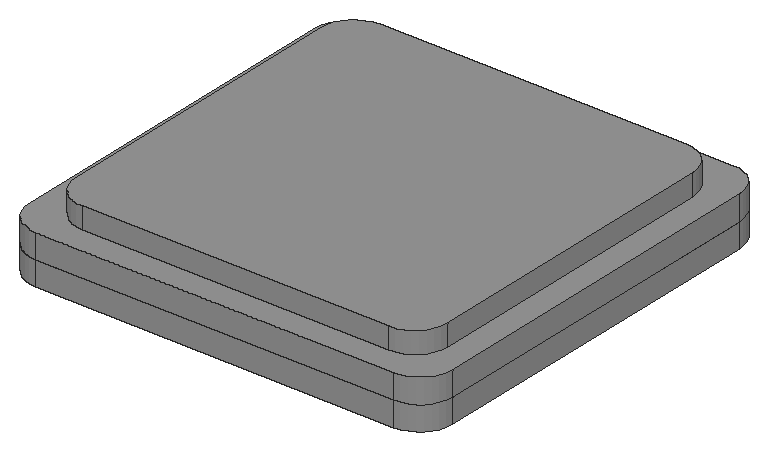
Revit family "FMS2_63_UN_Surface-mounted_ETK", category Lighting Fixtures, Revit 2019 (continued)
Definition of nested family "FMS.2 - Lightsource"
  Types (14, lengths in mm): name | Wattage Comments | Wattage | built-in parameter 1150134 | Photometric Web File | built-in parameter 1150142 | built-in parameter 1150105 | Lumens | built-in parameter 1150107 | built-in parameter 1150106 | Apparent Load
      .1206\t568.9656\t562.0968\t554.9418\t548.073\t541.2042\t534.0492\t527.1804\t519.1668\r\n511.4394\t503.9982\t496.2708\t488.5434\t480.816\t473.0886\t465.3612\t457.6338\t449.9064\t442.179\r\n434.4516\t426.7242\t418.9968\t411.2694\t403.542\t395.8146\t388.0872\t380.3598\t372.3462\t364.3326\r\n356.319\t348.3054\t340.2918\t332.5644\t324.5508\t316.5372\t308.5236\t300.7962\t292.7826\t284.8835\r\n276.9844\t269.0852\t261.1861\t253.3156\t245.4451\t237.5746\t230.391\t223.236\t216.081\t208.9546\r\n201.8282\t194.7019\t187.6041\t180.4777\t173.38\t166.2822\t159.1844\t152.1153\t145.0175\t137.9484\r\n130.9079\t123.8387\t116.7982\t107.6112\t94.7036\t81.796\t68.8597\t55.9521\t43.0445\t30.1369\r\n17.2264\t4.3159\t0\t0\t0\t0\t0\t0\t0\t0\r\n0\r\n985.1004\t983.9556\t982.5246\t981.666\t980.5212\t979.9488\t979.0902\t978.2316\t977.6592\t977.0868\r\n976.2282\t975.3696\t973.9386\t972.7938\t971.649\t970.5042\t969.3594\t968.2146\t967.0698\t965.6388\r\n964.494\t963.063\t961.632\t960.4872\t959.3424\t957.0528\t954.1908\t951.3288\t948.4668\t945.3186\r\n941.8842\t938.736\t935.5878\t932.7258\t929.8638\t927.0018\t923.8536\t920.7054\t917.271\t913.8366\r\n910.6884\t907.5402\t904.6782\t901.2438\t897.8094\t894.375\t890.6544\t887.5062\t884.0718\t879.4926\r\n875.1996\t870.3342\t865.4688\t860.8896\t856.0242\t850.8726\t846.0072\t841.1418\t836.2764\t831.411\r\n826.8318\t821.9664\t817.101\t812.2356\t807.3702\t802.2186\t797.3532\t792.4878\t787.6224\t782.757\r\n777.8916\t772.1676\t766.1574\t759.861\t753.5646\t747.5544\t741.258\t734.9616\t728.6652\t722.655\r\n716.3586\t710.0622\t703.7658\t697.4694\t690.8868\t684.5904\t678.294\t671.9976\t665.9874\t659.9772\r\n653.6808\t647.6706\t640.8018\t633.3606\t626.2056\t619.0506\t611.8956\t604.7406\t597.5856\t590.4306\r\n583.2756\t576.1206\t568.9656\t561.8106\t554.6556\t547.5006\t540.3456\t533.1906\t526.3218\t519.1668\r\n512.0118\t505.143\t497.4156\t489.6882\t481.9608\t474.2334\t466.2198\t458.4924\t450.4788\t442.7514\r\n435.024\t427.0104\t419.283\t411.2694\t403.542\t395.8146\t387.801\t380.0736\t372.3462\t364.6188\r\n356.8914\t348.8778\t340.8642\t332.8506\t324.837\t316.8234\t309.096\t301.0824\t293.355\t285.3986\r\n277.5281\t269.6863\t261.8444\t254.0311\t246.1892\t238.376\t230.5913\t222.9212\t215.852\t208.7543\r\n201.7138\t194.6446\t187.6041\t180.5636\t173.5517\t166.5398\t159.5279\t152.5446\t145.5613\t138.578\r\n131.6234\t124.6401\t117.7141\t110.7594\t101.1717\t88.2068\t75.242\t62.2771\t49.3123\t36.3474\r\n23.3682\t10.3976\t0\t0\t0\t0\t0\t0\t0\t0\r\n0\r\n985.1004\t983.9556\t982.5246\t981.666\t980.8074\t980.235\t979.3764\t978.804\t978.2316\t977.373\r\n976.5144\t975.0834\t973.9386\t972.7938\t971.649\t970.5042\t969.3594\t967.9284\t966.7836\t965.3526\r\n964.2078\t962.7768\t961.632\t960.201\t958.77\t957.339\t955.0494\t951.615\t948.4668\t945.6048\r\n943.029\t940.4532\t937.305\t933.8706\t930.7224\t927.288\t924.1398\t920.9916\t917.8434\t914.409\r\n910.9746\t907.5402\t904.1058\t900.6714\t897.237\t893.8026\t890.3682\t886.9338\t883.2132\t879.2064\r\n875.1996\t871.1928\t866.6136\t861.7482\t857.169\t852.3036\t847.4382\t842.5728\t837.4212\t832.2696\r\n827.118\t821.9664\t817.101\t811.9494\t807.084\t801.9324\t796.7808\t791.6292\t786.4776\t781.326\r\n776.4606\t771.309\t766.1574\t760.7196\t755.568\t748.9854\t742.689\t736.3926\t729.81\t723.5136\r\n717.2172\t710.9208\t704.6244\t698.0418\t691.4592\t684.8766\t678.5802\t671.9976\t665.415\t659.1186\r\n652.536\t645.9534\t639.3708\t633.0744\t626.4918\t620.1954\t613.3266\t606.4578\t599.3028\t591.8616\r\n584.4204\t577.2654\t569.8242\t562.383\t554.9418\t547.7868\t540.3456\t532.9044\t525.7494\t518.5944\r\n511.4394\t504.2844\t497.1294\t489.6882\t482.5332\t475.092\t467.0784\t459.0648\t451.3374\t443.3238\r\n435.5964\t427.5828\t419.8554\t411.8418\t404.1144\t396.1008\t388.3734\t380.646\t372.6324\t364.905\r\n357.1776\t349.164\t341.4366\t333.423\t325.6956\t317.682\t309.6684\t301.6548\t293.9274\t286.0283\r\n278.1292\t270.2873\t262.4454\t254.6321\t246.8475\t239.0629\t231.3068\t223.5508\t215.8234\t208.2105\r\n201.2272\t194.2439\t187.2893\t180.3632\t173.4372\t166.5398\t159.6424\t152.7736\t145.8761\t139.036\r\n132.1672\t125.327\t118.5154\t111.7039\t104.8923\t95.7053\t82.6259\t69.5752\t56.5245\t43.4738\r\n30.4231\t17.3781\t4.3273\t0\t0\t0\t0\t0\t0\t0\r\n0\r\n985.1004\t983.9556\t982.5246\t981.666\t981.0936\t980.5212\t979.6626\t979.0902\t978.5178\t977.6592\r\n976.5144\t975.0834\t973.9386\t972.7938\t971.649\t970.5042\t969.3594\t967.9284\t966.4974\t965.3526\r\n963.9216\t962.4906\t961.0596\t959.3424\t957.339\t955.3356\t953.6184\t952.1874\t951.0426\t948.1806\r\n944.7462\t941.598\t938.1636\t935.0154\t931.8672\t928.719\t925.2846\t921.8502\t918.1296\t914.6952\r\n910.9746\t907.5402\t904.1058\t900.6714\t896.9508\t892.944\t889.2234\t885.5028\t881.7822\t878.3478\r\n874.6272\t870.6204\t866.8998\t862.6068\t858.3138\t853.7346\t848.583\t843.7176\t838.566\t833.1282\r\n827.9766\t822.825\t817.6734\t812.5218\t807.6564\t801.9324\t796.4946\t791.0568\t785.619\t780.1812\r\n775.0296\t769.5918\t764.4402\t759.2886\t753.8508\t748.413\t742.689\t737.2512\t731.8134\t726.0894\r\n719.5068\t712.9242\t706.3416\t699.4728\t692.8902\t686.3076\t679.4388\t672.8562\t666.2736\t659.691\r\n652.8222\t646.2396\t639.3708\t632.502\t625.9194\t619.0506\t612.468\t606.1716\t599.3028\t592.7202\r\n585.8514\t578.124\t570.6828\t563.2416\t555.8004\t548.3592\t540.918\t533.4768\t526.3218\t518.8806\r\n511.4394\t503.9982\t496.557\t489.402\t481.9608\t474.5196\t467.0784\t459.9234\t452.4822\t445.041\r\n437.0274\t429.0138\t421.0002\t412.9866\t404.973\t396.9594\t388.9458\t380.9322\t373.2048\t365.1912\r\n357.4638\t349.4502\t341.4366\t333.7092\t325.6956\t317.9682\t309.9546\t301.941\t294.2136\t286.2\r\n278.4154\t270.6021\t262.7888\t255.0328\t247.2768\t239.5494\t231.8506\t224.1805\t216.5103\t208.8688\r\n201.2558\t193.6429\t186.7169\t179.9053\t173.0938\t166.3108\t159.5565\t152.8022\t146.0479\t139.3222\r\n132.6251\t125.928\t119.2309\t112.5625\t105.9226\t99.2828\t91.2406\t78.0467\t64.8529\t51.6877\r\n38.4939\t25.3144\t12.1292\t0\t0\t0\t0\t0\t0\t0\r\n0\r\n985.1004\t983.9556\t982.8108\t981.666\t981.3798\t980.8074\t980.235\t979.6626\t979.0902\t977.6592\r\n976.5144\t975.3696\t974.2248\t973.08\t971.9352\t970.7904\t969.3594\t967.9284\t966.4974\t965.0664\r\n963.6354\t962.2044\t960.201\t957.9114\t956.1942\t955.0494\t953.6184\t951.9012\t949.6116\t947.6082\r\n945.6048\t943.3152\t940.167\t937.0188\t933.5844\t929.8638\t926.1432\t922.4226\t918.9882\t915.5538\r\n912.1194\t908.3988\t904.392\t900.9576\t897.237\t893.5164\t889.5096\t885.789\t881.7822\t877.4892\r\n873.1962\t869.1894\t865.1826\t860.8896\t856.5966\t852.3036\t848.0106\t844.0038\t839.997\t835.704\r\n830.2662\t824.5422\t819.1044\t813.3804\t807.9426\t802.5048\t797.3532\t791.9154\t786.4776\t781.0398\r\n775.3158\t769.878\t764.154\t758.7162\t752.9922\t747.2682\t741.5442\t735.8202\t730.0962\t724.3722\r\n718.6482\t712.9242\t707.2002\t701.4762\t695.7522\t688.5972\t681.4422\t674.2872\t667.4184\t660.8358\r\n654.2532\t647.3844\t640.5156\t633.3606\t626.4918\t619.3368\t612.468\t605.313\t598.4442\t591.5754\r\n584.7066\t577.8378\t570.6828\t563.814\t556.9452\t550.0764\t542.349\t534.9078\t527.4666\t519.7392\r\n512.298\t504.5706\t496.8432\t489.1158\t481.3884\t473.9472\t466.506\t459.0648\t451.6236\t444.1824\r\n436.7412\t429.3\t421.8588\t414.4176\t406.404\t398.1042\t390.0906\t382.077\t374.0634\t366.0498\r\n358.0362\t350.0226\t342.009\t333.9954\t325.9818\t318.2544\t310.2408\t302.5134\t294.4998\t286.7724\r\n278.9019\t271.0886\t263.304\t255.548\t247.8492\t240.1504\t232.4803\t224.8387\t217.1972\t209.6129\r\n202.0572\t194.5301\t187.0317\t179.5619\t172.3783\t165.7098\t159.0413\t152.4301\t145.8189\t139.2363\r\n132.6823\t126.157\t119.6316\t113.1349\t106.6381\t100.17\t93.7305\t87.291\t74.412\t61.0178\r\n47.6523\t34.2868\t20.9069\t7.5271\t0\t0\t0\t0\t0\t0\r\n0\r\n985.1004\t983.9556\t982.8108\t981.9522\t981.666\t981.0936\t980.5212\t980.235\t979.0902\t977.9454\r\n976.8006\t975.6558\t974.511\t973.3662\t972.2214\t971.0766\t969.6456\t968.2146\t966.7836\t965.3526\r\n963.3492\t961.3458\t959.3424\t957.9114\t956.4804\t954.7632\t952.7598\t950.4702\t948.4668\t946.4634\r\n944.46\t942.4566\t940.167\t937.305\t934.443\t931.2948\t927.8604\t924.7122\t920.9916\t917.271\r\n913.5504\t909.8298\t906.1092\t902.1024\t898.0956\t894.0888\t890.082\t885.789\t881.7822\t877.4892\r\n873.4824\t868.9032\t864.6102\t860.3172\t856.3104\t851.7312\t847.152\t842.5728\t837.9936\t833.1282\r\n828.549\t823.9698\t819.6768\t815.0976\t810.5184\t805.653\t799.929\t794.205\t788.1948\t782.4708\r\n776.7468\t771.0228\t765.0126\t759.2886\t752.9922\t746.982\t741.258\t735.2478\t729.5238\t723.2274\r\n717.2172\t711.207\t705.483\t699.759\t693.7488\t687.4524\t681.4422\t675.1458\t668.8494\t662.553\r\n656.2566\t649.674\t642.519\t635.364\t628.209\t621.054\t613.899\t606.744\t599.589\t592.7202\r\n585.5652\t578.124\t570.6828\t563.2416\t556.0866\t548.9316\t542.0628\t534.9078\t527.7528\t520.5978\r\n513.1566\t506.0016\t498.2742\t490.5468\t482.8194\t475.092\t467.3646\t459.351\t451.6236\t443.8962\r\n436.1688\t428.7276\t421.0002\t413.559\t405.8316\t398.1042\t390.663\t382.9356\t375.4944\t367.767\r\n359.4672\t351.1674\t343.1538\t335.1402\t326.8404\t318.8268\t310.8132\t302.7996\t295.0722\t287.0586\r\n279.1309\t271.3176\t263.533\t255.7769\t248.0782\t240.408\t232.7665\t225.1822\t217.6265\t210.128\r\n202.6582\t195.217\t187.8331\t180.4777\t173.151\t165.8529\t158.612\t151.8291\t145.361\t138.9501\r\n132.5392\t126.157\t119.8033\t113.4783\t107.1533\t100.8569\t94.5891\t88.3499\t82.1394\t71.8362\r\n58.1558\t44.5041\t30.8237\t17.1548\t3.4802\t0\t0\t0\t0\t0\r\n0\r\n985.1004\t983.9556\t982.8108\t982.2384\t981.9522\t981.3798\t981.0936\t980.5212\t979.3764\t978.2316\r\n977.0868\t975.942\t974.7972\t973.6524\t972.5076\t971.0766\t969.6456\t968.2146\t966.7836\t965.0664\r\n963.063\t961.0596\t959.6286\t958.1976\t956.1942\t954.1908\t951.9012\t949.8978\t947.8944\t945.6048\r\n943.6014\t940.7394\t938.1636\t935.5878\t933.2982\t930.7224\t928.1466\t925.5708\t922.7088\t919.8468\r\n916.1262\t912.1194\t907.8264\t904.1058\t900.099\t895.806\t891.513\t887.5062\t883.2132\t878.634\r\n874.341\t870.048\t865.4688\t860.8896\t856.3104\t851.7312\t846.8658\t842.2866\t837.7074\t832.842\r\n828.2628\t823.6836\t818.532\t813.6666\t808.515\t803.6496\t798.498\t793.3464\t788.481\t783.0432\r\n777.6054\t772.1676\t767.016\t761.292\t755.2818\t748.9854\t742.9752\t736.965\t731.241\t724.6584\r\n718.0758\t711.7794\t705.483\t699.1866\t692.604\t686.0214\t679.725\t673.4286\t667.4184\t660.8358\r\n654.2532\t647.9568\t641.6604\t635.364\t628.7814\t622.1988\t615.33\t608.7474\t602.1648\t595.0098\r\n587.8548\t580.4136\t572.9724\t565.245\t557.8038\t550.3626\t542.6352\t535.194\t527.7528\t520.0254\r\n512.5842\t505.4292\t498.2742\t490.5468\t482.8194\t475.3782\t467.937\t460.4958\t453.3408\t445.6134\r\n437.5998\t429.5862\t421.5726\t413.559\t405.5454\t397.5318\t389.8044\t381.7908\t374.0634\t366.6222\r\n358.8948\t351.4536\t343.7262\t335.9988\t328.2714\t320.2578\t312.2442\t303.9444\t295.9308\t287.9172\r\n279.9036\t271.9472\t264.0481\t256.2349\t248.4788\t240.7801\t233.1099\t225.5256\t217.9413\t210.4715\r\n203.0589\t195.6749\t188.3482\t181.0787\t173.8379\t166.6256\t159.4993\t152.4015\t145.361\t138.3491\r\n131.8237\t125.6132\t119.4313\t113.278\t107.1533\t101.0858\t95.047\t89.0082\t83.0266\t77.045\r\n70.4624\t56.3528\t42.2431\t28.1277\t14.0009\t0\t0\t0\t0\t0\r\n0\r\n985.1004\t983.9556\t982.8108\t982.5246\t982.2384\t981.666\t981.3798\t980.8074\t979.6626\t978.5178\r\n977.373\t976.2282\t975.3696\t974.2248\t973.08\t971.649\t970.218\t968.787\t967.0698\t965.0664\r\n963.063\t961.632\t960.201\t958.1976\t955.908\t953.9046\t951.9012\t949.6116\t947.322\t945.0324\r\n942.4566\t939.8808\t937.305\t935.0154\t932.4396\t929.5776\t927.0018\t924.1398\t921.2778\t917.8434\r\n914.6952\t911.547\t908.3988\t905.2506\t901.8162\t898.3818\t894.375\t890.082\t885.5028\t881.2098\r\n876.6306\t872.0514\t867.4722\t862.893\t858.0276\t853.4484\t848.583\t843.7176\t838.8522\t833.9868\r\n829.1214\t823.9698\t818.8182\t813.3804\t808.2288\t802.791\t797.6394\t792.4878\t787.05\t781.6122\r\n776.1744\t770.7366\t765.2988\t760.1472\t754.7094\t748.6992\t742.9752\t737.2512\t731.8134\t725.8032\r\n719.793\t713.4966\t707.7726\t701.4762\t694.6074\t687.7386\t680.8698\t674.5734\t668.277\t661.4082\r\n654.8256\t647.9568\t640.8018\t633.933\t627.3504\t620.4816\t613.899\t607.0302\t600.1614\t593.2926\r\n586.4238\t579.555\t572.6862\t565.8174\t558.9486\t552.0798\t545.211\t538.3422\t530.901\t523.1736\r\n515.4462\t507.7188\t499.7052\t491.6916\t483.9642\t475.9506\t468.2232\t460.4958\t452.7684\t445.041\r\n437.3136\t429.8724\t422.145\t414.1314\t406.404\t398.6766\t391.2354\t383.2218\t375.2082\t367.1946\r\n359.181\t351.1674\t343.44\t335.4264\t327.4128\t319.6854\t311.958\t304.2306\t296.5032\t288.7758\r\n281.1056\t273.55\t265.4505\t257.4083\t249.4233\t241.5242\t233.6537\t225.9263\t218.2561\t210.6718\r\n203.1448\t195.6749\t188.2624\t180.9929\t173.8379\t166.7687\t159.7855\t152.8594\t146.0192\t139.2077\r\n132.482\t125.7849\t119.1451\t112.8487\t106.8671\t100.9427\t95.0756\t89.2658\t83.4845\t77.7319\r\n72.0079\t66.3125\t55.8376\t41.0411\t26.2102\t11.3679\t0\t0\t0\t0\r\n0\r\n985.1004\t983.9556\t982.8108\t982.5246\t982.5246\t982.2384\t981.9522\t981.0936\t979.9488\t979.0902\r\n977.9454\t976.8006\t975.942\t975.0834\t973.3662\t972.2214\t970.7904\t969.3594\t967.356\t965.3526\r\n963.6354\t962.2044\t960.201\t958.1976\t956.1942\t953.9046\t951.9012\t949.6116\t947.322\t944.7462\r\n942.1704\t939.8808\t937.5912\t934.7292\t931.8672\t929.0052\t926.1432\t922.995\t919.8468\t916.6986\r\n913.2642\t910.116\t906.6816\t903.5334\t899.8128\t896.3784\t892.6578\t888.651\t884.9304\t881.2098\r\n877.203\t873.4824\t869.1894\t865.1826\t860.8896\t856.5966\t851.7312\t846.5796\t841.7142\t836.5626\r\n831.411\t825.687\t820.2492\t815.3838\t810.2322\t805.0806\t799.3566\t793.9188\t788.481\t782.757\r\n777.033\t771.5952\t765.8712\t760.1472\t754.4232\t748.6992\t742.4028\t736.1064\t730.0962\t724.3722\r\n718.362\t711.7794\t705.483\t699.759\t693.7488\t687.4524\t681.4422\t674.8596\t668.5632\t661.9806\r\n655.6842\t649.3878\t642.8052\t636.5088\t629.64\t622.485\t615.33\t608.4612\t601.3062\t594.1512\r\n586.71\t579.555\t572.1138\t564.9588\t557.8038\t550.6488\t543.4938\t536.0526\t528.6114\t521.1702\r\n514.0152\t506.8602\t499.7052\t492.264\t484.8228\t477.6678\t470.5128\t463.0716\t455.9166\t448.4754\r\n440.1756\t431.8758\t423.8622\t415.5624\t407.5488\t399.8214\t391.8078\t383.7942\t375.4944\t367.4808\r\n359.4672\t351.4536\t343.7262\t335.9988\t328.2714\t320.544\t312.5304\t304.5168\t296.5032\t288.4896\r\n280.5905\t272.72\t264.9067\t257.2079\t249.4519\t241.8104\t234.2833\t226.8994\t219.6299\t211.9025\r\n204.2037\t196.5622\t189.0351\t181.5939\t174.2958\t167.0836\t159.9572\t152.9453\t146.0479\t139.3222\r\n132.6537\t126.0425\t119.5171\t113.1062\t106.724\t100.4276\t94.3315\t88.722\t83.1983\t77.7319\r\n72.2941\t66.9136\t61.5616\t56.2383\t41.2987\t25.2629\t9.2013\t0\t0\t0\r\n0\r\n985.1004\t983.9556\t983.097\t982.8108\t982.8108\t982.5246\t982.2384\t981.666\t980.5212\t979.3764\r\n978.5178\t977.6592\t976.8006\t975.6558\t974.2248\t972.7938\t971.3628\t969.9318\t967.9284\t965.925\r\n964.494\t962.7768\t960.7734\t958.77\t956.4804\t954.477\t952.4736\t950.184\t947.6082\t945.3186\r\n942.7428\t940.4532\t937.5912\t935.0154\t932.1534\t929.2914\t926.1432\t922.7088\t919.5606\t916.1262\r\n912.978\t909.8298\t906.3954\t902.6748\t898.9542\t895.2336\t891.2268\t887.5062\t883.4994\t879.4926\r\n875.4858\t871.1928\t867.186\t862.893\t858.6\t854.307\t850.014\t845.4348\t840.8556\t835.704\r\n830.5524\t825.9732\t821.9664\t817.101\t812.2356\t807.084\t802.2186\t797.067\t791.6292\t786.1914\r\n780.7536\t775.0296\t769.3056\t763.2954\t756.7128\t750.4164\t744.4062\t738.6822\t732.3858\t725.8032\r\n719.793\t713.4966\t707.2002\t700.9038\t694.6074\t688.0248\t681.7284\t675.1458\t668.5632\t661.9806\r\n655.1118\t648.5292\t641.9466\t635.0778\t628.4952\t621.6264\t614.7576\t607.8888\t601.02\t593.865\r\n586.9962\t579.8412\t573.2586\t566.1036\t558.9486\t551.7936\t544.6386\t537.4836\t530.0424\t522.8874\r\n515.4462\t508.005\t500.2776\t492.5502\t484.8228\t477.0954\t469.368\t461.6406\t453.9132\t446.472\r\n438.7446\t431.0172\t423.0036\t414.99\t407.5488\t399.8214\t392.094\t384.6528\t376.9254\t369.4842\r\n361.7568\t354.0294\t346.302\t338.0022\t329.7024\t321.4026\t313.389\t305.0892\t297.0756\t288.7758\r\n280.9625\t273.1779\t265.4791\t257.6659\t249.9098\t242.2397\t234.5409\t226.6418\t218.9144\t211.3301\r\n203.8316\t196.4191\t189.121\t181.9087\t174.8396\t167.9135\t160.8444\t153.718\t146.7061\t139.8087\r\n133.0544\t126.4432\t119.9464\t113.5069\t107.2678\t101.1145\t95.0756\t89.1513\t83.3128\t77.5602\r\n72.2369\t67.0567\t61.9337\t56.8966\t51.8881\t43.9317\t25.7237\t7.4355\t0\t0\r\n0\r\n985.1004\t984.2418\t983.097\t983.097\t983.097\t983.097\t982.8108\t981.9522\t981.0936\t979.9488\r\n979.0902\t978.2316\t977.6592\t976.2282\t974.7972\t973.6524\t972.2214\t970.5042\t968.787\t967.0698\r\n965.6388\t963.6354\t961.632\t959.6286\t957.6252\t955.3356\t953.3322\t951.0426\t948.753\t946.4634\r\n943.8876\t941.3118\t938.4498\t935.874\t933.012\t929.8638\t926.7156\t923.2812\t920.133\t916.6986\r\n913.5504\t910.4022\t906.6816\t902.961\t899.2404\t895.2336\t891.513\t887.5062\t883.4994\t879.2064\r\n874.9134\t870.9066\t866.6136\t862.3206\t858.0276\t853.7346\t848.8692\t844.29\t839.1384\t833.9868\r\n829.4076\t824.8284\t819.963\t815.0976\t809.946\t805.0806\t799.6428\t794.205\t789.0534\t783.9018\r\n778.464\t773.0262\t767.3022\t761.292\t755.568\t749.844\t744.12\t738.396\t732.3858\t726.6618\r\n720.6516\t714.6414\t708.6312\t702.9072\t697.1832\t690.8868\t684.5904\t678.0078\t671.7114\t665.7012\r\n659.4048\t652.8222\t645.6672\t638.5122\t631.6434\t624.7746\t617.9058\t610.7508\t603.3096\t596.4408\r\n589.572\t581.8446\t574.4034\t567.2484\t560.3796\t552.6522\t544.9248\t537.4836\t530.0424\t522.6012\r\n515.16\t507.4326\t499.9914\t492.5502\t485.109\t477.3816\t469.6542\t462.213\t454.4856\t446.472\r\n439.0308\t431.3034\t423.576\t415.8486\t408.1212\t400.3938\t392.6664\t384.939\t377.2116\t369.7704\r\n361.4706\t353.457\t345.1572\t337.1436\t329.13\t321.1164\t313.1028\t305.0892\t297.0756\t289.3482\r\n281.5063\t273.7503\t266.0515\t258.41\t250.8543\t243.3559\t235.9719\t228
      .3304\t220.3454\t212.389\r\n204.5471\t197.0201\t189.5789\t182.2235\t174.9827\t167.8277\t160.7872\t153.7466\t146.7347\t139.8946\r\n133.2261\t126.7294\t120.433\t114.2797\t108.0119\t101.7155\t95.5908\t89.5806\t83.7421\t78.0754\r\n72.5517\t67.1998\t61.9909\t56.9824\t52.3746\t47.9099\t43.5024\t29.5358\t6.1018\t0\r\n0\r\n985.1004\t984.2418\t983.097\t983.3832\t983.3832\t983.3832\t983.3832\t982.5246\t981.666\t980.5212\r\n979.6626\t979.0902\t978.5178\t977.0868\t975.6558\t974.511\t973.3662\t971.649\t969.6456\t968.2146\r\n966.7836\t964.7802\t962.7768\t960.7734\t958.77\t956.7666\t954.477\t952.4736\t950.184\t947.8944\r\n945.6048\t943.029\t940.167\t937.305\t934.443\t931.2948\t928.1466\t924.9984\t921.564\t918.4158\r\n915.5538\t911.8332\t908.1126\t904.392\t900.6714\t896.9508\t892.944\t888.9372\t884.6442\t880.3512\r\n876.3444\t872.0514\t867.7584\t863.7516\t859.4586\t854.5932\t850.014\t844.8624\t839.7108\t834.8454\r\n830.2662\t825.4008\t820.8216\t815.67\t810.5184\t805.3668\t799.929\t794.4912\t789.3396\t783.9018\r\n778.1778\t772.4538\t766.7298\t761.0058\t754.9956\t749.2716\t743.5476\t737.8236\t731.8134\t725.517\r\n719.5068\t713.4966\t707.4864\t701.4762\t695.1798\t688.8834\t682.3008\t676.0044\t669.4218\t662.8392\r\n655.9704\t649.3878\t642.8052\t636.2226\t629.64\t623.0574\t615.9024\t609.0336\t602.1648\t595.296\r\n588.141\t581.2722\t574.4034\t567.2484\t559.8072\t552.366\t545.211\t538.056\t530.6148\t523.4598\r\n516.0186\t508.8636\t501.4224\t493.9812\t486.54\t479.0988\t471.6576\t464.2164\t456.2028\t448.4754\r\n441.0342\t433.3068\t425.8656\t418.1382\t410.1246\t402.3972\t394.6698\t386.9424\t378.9288\t370.9152\r\n362.9016\t354.888\t346.8744\t338.5746\t330.561\t322.2612\t314.2476\t305.9478\t297.9342\t289.9206\r\n282.1073\t274.2655\t266.2232\t258.1524\t250.3391\t242.6404\t234.9702\t227.3287\t219.6871\t212.0456\r\n204.5185\t197.1059\t189.7792\t182.6528\t175.2975\t168.028\t160.8444\t153.7753\t146.792\t140.1808\r\n133.684\t127.3018\t121.0912\t114.9093\t108.2695\t101.7727\t95.5336\t89.5234\t83.7994\t78.0754\r\n72.5803\t67.3715\t62.2771\t57.1255\t52.2029\t47.7382\t43.6455\t40.4973\t37.9215\t5.3577\r\n0" | 222.82 (stored number, unit not read) | 2800 lm | 4000 (stored number, unit not read) | 2.2282 (stored number, unit not read) | 38 VA
